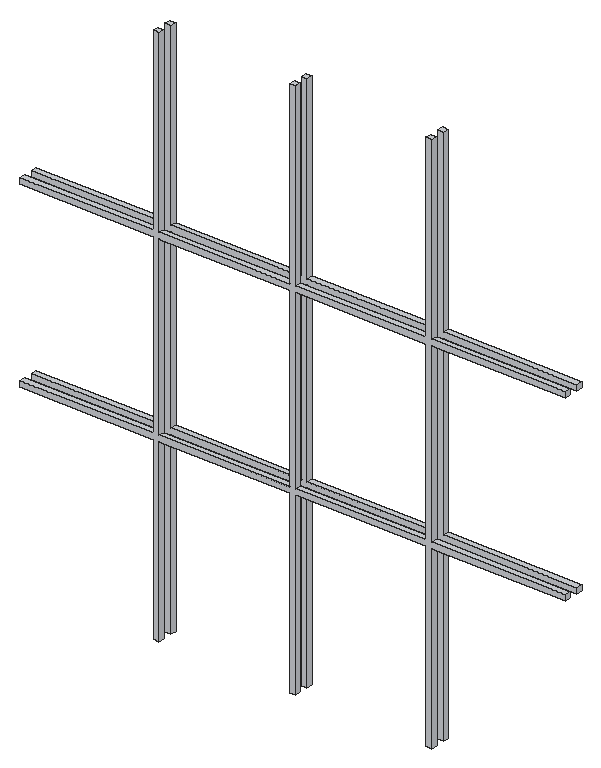
Revit family "M_Padrão do montante_4x3", category Modelos genéricos, Revit 2019
Family settings
  Pode hospedar o vergalhão = Não
  Cota do conector redondo = Utilizar diâmetro
  Tipo de parte = Normal
  Com base no plano de trabalho = Não
  Sempre na vertical = Sim
  Corte com vazios quando carregada = Não
  Compartilhado = Sim
  Ponto de cálculo do ambiente = Não
Parameters
  Largura [instance] = 1200 mm
  Espessura = 12.7 mm
  Altura [instance] = 1200 mm
  Material interior [instance] = none
  Material externo [instance] = none
  Distância = 19.05 mm
Reference planes
  plane 1 "Centro (Frente/Trás)": y = 0
  plane 2: z = 0
  plane 3 "Centro (Esquerda/Direita)": x = 0
  plane 4: z = 1200
  plane 5: x = -600
  plane 6: x = 600
  plane 7 "a": y = 9.525
  plane 8 "b": y = -9.525
  plane 9: x = -6.35
  plane 10: x = 6.35
  plane 11: x = -300
  plane 12: x = 300
  plane 13: x = -306.35
  plane 14: x = -293.65
  plane 15: x = 293.65
  plane 16: x = 306.35
  plane 17: y = 22.225
  plane 18: y = -22.225
  plane 19: z = 400
  plane 20: z = 406.35
  plane 21: z = 393.65
  plane 22: z = 800
  plane 23: z = 806.35
  plane 24: z = 793.65
Forms (mm)
  Extrusion 1, solid, material <- "Material externo", detail levels fine
    sketch origin (0, 9.525, 0) x (-1, 0, 0) y (0, 0, 1)
      loop
        line (306.35, 1200) -> (293.65, 1200) -> (293.65, 806.35) -> (6.35, 806.35) -> (6.35, 1200) -> (-6.35, 1200) -> (-6.35, 806.35) -> (-293.65, 806.35) -> (-293.65, 1200) -> (-306.35, 1200) -> (-306.35, 806.35) -> (-600, 806.35) -> (-600, 793.65) -> (-306.35, 793.65) -> (-306.35, 406.35) -> (-600, 406.35) -> (-600, 393.65) -> (-306.35, 393.65) -> (-306.35, 0) -> (-293.65, 0) -> (-293.65, 393.65) -> (-6.35, 393.65) -> (-6.35, 0) -> (6.35, 0) -> (6.35, 393.65) -> (293.65, 393.65) -> (293.65, 0) -> (306.35, 0) -> (306.35, 393.65) -> (600, 393.65) -> (600, 406.35) -> (306.35, 406.35) -> (306.35, 793.65) -> (600, 793.65) -> (600, 806.35) -> (306.35, 806.35) -> (306.35, 1200)
      loop
        line (293.65, 406.35) -> (293.65, 793.65) -> (6.35, 793.65) -> (6.35, 406.35) -> (293.65, 406.35)
      loop
        line (-6.35, 406.35) -> (-6.35, 793.65) -> (-293.65, 793.65) -> (-293.65, 406.35) -> (-6.35, 406.35)
    from 0 to 12.7
  Extrusion 2, solid, material <- "Material interior", detail levels fine
    sketch origin (0, -9.525, 0) x (-1, 0, 0) y (0, 0, 1)
      loop
        line (306.35, 1200) -> (293.65, 1200) -> (293.65, 806.35) -> (6.35, 806.35) -> (6.35, 1200) -> (-6.35, 1200) -> (-6.35, 806.35) -> (-293.65, 806.35) -> (-293.65, 1200) -> (-306.35, 1200) -> (-306.35, 806.35) -> (-600, 806.35) -> (-600, 793.65) -> (-306.35, 793.65) -> (-306.35, 406.35) -> (-600, 406.35) -> (-600, 393.65) -> (-306.35, 393.65) -> (-306.35, 0) -> (-293.65, 0) -> (-293.65, 393.65) -> (-6.35, 393.65) -> (-6.35, 0) -> (6.35, 0) -> (6.35, 393.65) -> (293.65, 393.65) -> (293.65, 0) -> (306.35, 0) -> (306.35, 393.65) -> (600, 393.65) -> (600, 406.35) -> (306.35, 406.35) -> (306.35, 793.65) -> (600, 793.65) -> (600, 806.35) -> (306.35, 806.35) -> (306.35, 1200)
      loop
        line (293.65, 406.35) -> (293.65, 793.65) -> (6.35, 793.65) -> (6.35, 406.35) -> (293.65, 406.35)
      loop
        line (-6.35, 406.35) -> (-6.35, 793.65) -> (-293.65, 793.65) -> (-293.65, 406.35) -> (-6.35, 406.35)
    from 0 to -12.7
Lines and regions (mm)
  model lines, detail levels medium
    curve 1: line (0, 9.525, 1200) -> (0, 9.525, 0)
    curve 2: line (-300, 9.525, 1200) -> (-300, 9.525, 0)
    curve 3: line (300, 9.525, 1200) -> (300, 9.525, 0)
    curve 4: line (0, -9.525, 1200) -> (0, -9.525, 0)
    curve 5: line (-300, -9.525, 1200) -> (-300, -9.525, 0)
    curve 6: line (300, -9.525, 1200) -> (300, -9.525, 0)
    curve 7: line (-600, 9.525, 400) -> (600, 9.525, 400)
    curve 8: line (-600, -9.525, 400) -> (600, -9.525, 400)
    curve 9: line (-600, 9.525, 800) -> (600, 9.525, 800)
    curve 10: line (-600, -9.525, 800) -> (600, -9.525, 800)
Dimensions and locks
  equal spacing: plane 6, plane 3 "Centro (Esquerda/Direita)", plane 5
  "Largura": plane 6 to plane 5
  "Altura": plane 4 to plane 2
  equal spacing: plane 7 "a", plane 1 "Centro (Frente/Trás)", plane 8 "b"
  "Distância": plane 7 "a" to plane 8 "b"
  equal spacing: plane 3 "Centro (Esquerda/Direita)", plane 11, plane 5
  equal spacing: plane 6, plane 12, plane 3 "Centro (Esquerda/Direita)"
  locked: plane 9 to plane 3 "Centro (Esquerda/Direita)" at 6.35
  locked: plane 10 to plane 3 "Centro (Esquerda/Direita)" at 6.35
  locked: plane 11 to plane 13 at 6.35
  locked: plane 14 to plane 11 at 6.35
  locked: plane 12 to plane 15 at 6.35
  locked: plane 16 to plane 12 at 6.35
  "Espessura": plane 17 to plane 7 "a"
  "Espessura": plane 8 "b" to plane 18
  locked: plane 20 to plane 19 at 6.35
  locked: plane 19 to plane 21 at 6.35
  equal spacing: plane 4, plane 22, plane 19, plane 2
  locked: plane 23 to plane 22 at 6.35
  locked: plane 22 to plane 24 at 6.35
  aligned and locked: plane 2 to level
  aligned and locked: plane 4 to curve 1
  aligned and locked: plane 2 to curve 1
  aligned and locked: plane 13 to Extrusion 1 sketch curve
  aligned and locked: plane 4 to Extrusion 1 sketch curve  (x3)
  aligned and locked: plane 14 to Extrusion 1 sketch curve
  aligned and locked: plane 2 to Extrusion 1 sketch curve  (x3)
  aligned and locked: plane 9 to Extrusion 1 sketch curve
  aligned and locked: plane 10 to Extrusion 1 sketch curve
  aligned and locked: plane 15 to Extrusion 1 sketch curve
  aligned and locked: plane 16 to Extrusion 1 sketch curve
  aligned and locked: plane 11 to curve 2
  aligned and locked: plane 12 to curve 3
  aligned and locked: plane 2 to curve 2
  aligned and locked: plane 2 to curve 3
  aligned and locked: plane 4 to curve 3
  aligned and locked: plane 4 to curve 2
  aligned and locked: Extrusion 1 to plane 17
  aligned and locked: Extrusion 2 to plane 18
  aligned and locked: plane 20 to Extrusion 2 sketch curve
  aligned and locked: plane 21 to Extrusion 2 sketch curve
  aligned and locked: plane 5 to Extrusion 2 sketch curve  (x2)
  aligned and locked: plane 6 to Extrusion 2 sketch curve  (x2)
  aligned and locked: plane 5 to Extrusion 1 sketch curve  (x2)
  aligned and locked: plane 20 to Extrusion 1 sketch curve
  aligned and locked: plane 21 to Extrusion 1 sketch curve
  aligned and locked: plane 6 to Extrusion 1 sketch curve  (x2)
  aligned and locked: plane 19 to curve 7
  aligned and locked: plane 6 to curve 7
  aligned and locked: plane 5 to curve 7
  aligned and locked: plane 19 to curve 8
  aligned and locked: plane 6 to curve 8
  aligned and locked: plane 5 to curve 8
  aligned and locked: plane 23 to Extrusion 2 sketch curve
  aligned and locked: plane 24 to Extrusion 2 sketch curve
  aligned and locked: plane 23 to Extrusion 1 sketch curve
  aligned and locked: plane 24 to Extrusion 1 sketch curve
  aligned and locked: plane 22 to curve 9
  aligned and locked: plane 6 to curve 9
  aligned and locked: plane 5 to curve 9
  aligned and locked: plane 22 to curve 10
  aligned and locked: plane 6 to curve 10
  aligned and locked: plane 5 to curve 10
Automatic sketch dimensions
  curve 1 to plane 3 "Centro (Esquerda/Direita)" = 0 mm
  Extrusion 2 sketch curve to plane 4 = 0 mm  (x3)
  Extrusion 2 sketch curve to plane 16 = 0 mm  (x3)
  Extrusion 2 sketch curve to plane 15 = 0 mm  (x3)
  Extrusion 2 sketch curve to level = 0 mm  (x3)
  plane 10 to Extrusion 2 sketch curve = 0 mm  (x3)
  plane 9 to Extrusion 2 sketch curve = 0 mm  (x3)
  Extrusion 2 sketch curve to plane 14 = 0 mm  (x3)
  Extrusion 2 sketch curve to plane 13 = 0 mm  (x3)
  curve 6 to level = 0 mm
  curve 6 to plane 12 = 0 mm
  curve 4 to level = 0 mm
  curve 4 to plane 3 "Centro (Esquerda/Direita)" = 0 mm
  curve 5 to level = 0 mm
  curve 5 to plane 11 = 0 mm
  curve 6 to plane 4 = 0 mm
  curve 5 to plane 4 = 0 mm
  curve 4 to plane 4 = 0 mm
  Extrusion 2 sketch curve to plane 20 = 0 mm  (x3)
  Extrusion 2 sketch curve to plane 21 = 0 mm  (x3)
  Extrusion 2 sketch curve to plane 24 = 0 mm  (x3)
  Extrusion 2 sketch curve to plane 23 = 0 mm  (x3)
  Extrusion 1 sketch curve to plane 16 = 0 mm  (x2)
  Extrusion 1 sketch curve to plane 15 = 0 mm  (x2)
  plane 10 to Extrusion 1 sketch curve = 0 mm  (x2)
  plane 9 to Extrusion 1 sketch curve = 0 mm  (x2)
  Extrusion 1 sketch curve to plane 14 = 0 mm  (x2)
  Extrusion 1 sketch curve to plane 13 = 0 mm  (x2)
  Extrusion 1 sketch curve to plane 21 = 0 mm  (x3)
  Extrusion 1 sketch curve to plane 20 = 0 mm  (x3)
  Extrusion 1 sketch curve to plane 24 = 0 mm  (x3)
  Extrusion 1 sketch curve to plane 23 = 0 mm  (x3)
